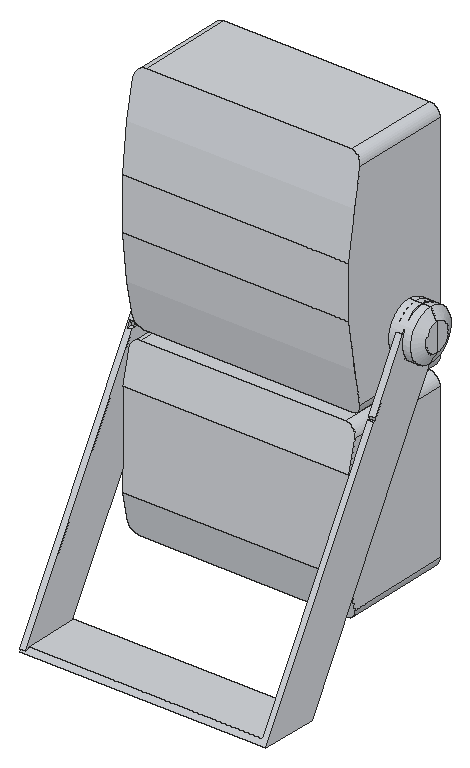
Revit family "Lighting-Floodlights-GEWISS-SMART[PRO]2.0-LED-MEDIUM-POWER_1MODULE_DALI.CLII", category Apparecchi per illuminazione, host Superficie, Revit 2019
Family settings
  Host = Superficie
  Quota connettore circolare = Usa diametro
  Tipo di parte = Normale
  Taglio con vuoti quando caricato = No
  Sorgente d'illuminazione = No
  Condiviso = No
  Punto di calcolo locali = No
Parameters (values of type "GWP2184NB - SMARTPRO2.0 1M 4000K CRI80 A3 DALI CL2")
  Wiring = "Watertight connector"
  Weight (kg): = "5,7"
  Warranty = "5 years"
  Versions = "4000K natural light"
  Version file RFA = "20.11"
  VISIBILITA' SIMBOLO [instance] = yes
  VISIBILITA' PROIETTORE IN PIANTA [instance] = not(VISIBILITA' SIMBOLO)  # no
  Unique digital code (Datamatrix) = "Currently not present"
  Unified Glare Rating = "G*6 - ULOR = 0"
  URL = "https://www.gewiss.com/ww/en"
  Type of light source = "LED - Not replaceable"
  Tilt- = "Rotation on bracket with integrated goniometer"
  Technical sheet = "https://www.gewiss.com/ww/en/search?q=GWP2184NB"
  System power = "165W"
  Supply voltage = "220 - 240 V"
  Stocking temperature = "-"
  Standards and approvals = "-"
  Standard- = "EN60598-1; EN60598-2-5; EN60598-2-24; IEC 62778; IEC62471; EN13201"
  Standard Deviation Colour Matching = "SDCM = 3"
  Spostamento_y_anteriore [instance] = 400 mm
  Spostamento_x_effettivo_ET [instance] = 4000 mm - Spostamento_x_ET  # 2938.794 mm
  Spostamento_x_effettivo [instance] = 4000 mm - Spostamento_x  # 2938.794 mm
  Spostamento_x_ET [instance] = 1061.206 mm
  Spostamento_x [instance] = 1061.206 mm
  Shock resistance = "IK08"
  Shield type = "Flat tempered glass 4mm"
  SEO = "Floodlight"
  Realized by GEWISS S.p.A. = ""
  Rated frequency (Hz) = "50 / 60"
  Default Elevation = 1219.2 mm
  Produttore = "GEWISS S.p.A."
  Photobiological Risk Class = "-"
  Overvoltage protection = "DM 6 kV / CM 10 kV"
  Optic and illuminating features = "-"
  Optic Maintenance = "Not available"
  Optic : = "Polished anodised aluminum reflector with 99.99% pure aluminum"
  Optic = "A3 - Assymetric Narrow"
  Operating temperature : = "-30 +50 °C"
  Nome quadro [instance] = "330W"
  Mouting and installation = "High-mast lighting - Wall mounting - Ground mouting"
  Modello = "GWP2184NB"
  Maximum surface exposed to the wind : = "0,085 m2"
  Materials = "-"
  Luminaire = "LED luminaire with small,mid and high lumen power"
  Lumen output (lm) = "17600"
  Locking Hook = "Hexagonal metric screws"
  Lifetime = "L90B10 (Tq+25°C) - 50000h L90B10 (Tq+50°C) = 32000h L80B10 (Tq+25°C) - 110000h"
  LED Maintenance = "Not available"
  Insulation class = "II"
  Installationa and maintenance = "-"
  Immagine tipo = SMARTPRO20_1M.jpg
  IPEA = "ROAD = A // LARGE AREAS = A3 + // CYCLOPEDONALS = A + // GREEN AREAS = A + // HISTORICAL CENTER = A5 + // OTHER = A5 +"
  IP degree = "IP66"
  IDT = "44936a2a5e034791af2c92c80339c9aa"
  IDF = "d05ed8b5-b81d-4cb0-8872-352464a63a3f"
  Glow Wire Test : = "-"
  General information = "-"
  Gasket = "Anti-aging silicone"
  GW - Codice Electrocod = "2424"
  Fixing = "Bracket"
  External screw = "Stainless steel"
  Eletrical and lighting features = "-"
  Efficiency (lm/W) = "107"
  Driver Box = "Built-in"
  Driver = "Included"
  Device with reduced surface temperature = "Yes"
  Descrizione = "SMARTPRO2.0 1M 4000K CRI80 A3 DALI CL2"
  DIN 18032-3 certification = "Yes"
  Control System = "DALI"
  Context = "Sport, Big Areas"
  Colour temperature = "4000K"
  Colour : = "Polyester powder coated"
  Colour = "Graphite grey"
  Color Rendering Index = "CRI-80"
  Classification: = "-"
  Catalogue = "LIGHTING"
  COBie.Tagnumber = ""
  COBie.CreatedOn = ""
  COBie.CreatebBy = ""
  COBie.ComponentRegisterItemID = ""
  COBie.Component.TagNumber = ""
  COBie.Component.Space = ""
  COBie.Component.SerialNumber = ""
  COBie.Component.InstallationDate = ""
  COBie.Component.Description = ""
  COBie.Component.BarCode = ""
  Body = "Die-cast aluminium -"
  Applicazione = "Indoor / Outdoor"
Reference planes
  plane 1 "Centro (Fronte/Retro)": y = 0
  plane 2: z = 0
  plane 3 "Centro (Sinistra/Destra)": x = 0
  plane 4: x = -2938.794
  plane 5: x = 0
  plane 6: x = 0
  plane 7: x = -110.332
  plane 8: x = 0
  plane 9: z = 400
Lines and regions (mm)
  Masking region 1, visible <- "VISIBILITA' PROIETTORE IN PIANTA"
    outline origin (0, 0, 0) x (1, 0, 0) y (0, 1, 0)
      loop
        line (-113.096, 45.653) -> (-113.096, -114.347) -> (116.904, -114.347) -> (116.904, 45.653) -> (127.64, 45.653) -> (133.668, 56.093) -> (133.668, 82.169) -> (127.64, 92.61) -> (106.168, 92.61) -> (106.168, 106.682) -> (-106.168, 106.682) -> (-106.168, 92.61) -> (-127.64, 92.61) -> (-133.668, 82.169) -> (-133.668, 56.093) -> (-127.64, 45.653) -> (-113.096, 45.653)
  Masking region 2, visible <- "VISIBILITA' PROIETTORE IN PIANTA"
    outline origin (0, 0, 0) x (1, 0, 0) y (0, 0, 1)
      loop
        line (-103.332, 218.171) -> (106.168, 218.171) -> (106.168, 246.133) -> (127.64, 246.133) -> (133.668, 256.573) -> (133.668, 282.649) -> (127.64, 293.081) -> (106.168, 293.081) -> (106.168, 438.501) -> (-106.168, 438.501) -> (-106.168, 296.105) -> (-127.64, 296.105) -> (-133.668, 285.674) -> (-133.668, 259.598) -> (-127.64, 249.157) -> (-103.332, 249.157) -> (-103.332, 218.171)
      loop
        line (-103.332, 212.854) -> (-103.332, 48.854) -> (106.168, 48.854) -> (106.168, 212.854) -> (-103.332, 212.854)
  Masking region 3, visible <- "VISIBILITA' PROIETTORE IN PIANTA"
    outline origin (0, 0, 0) x (1, 0, 0) y (0, 0, 1)
      loop
        line (-115.056, 249.157) -> (-115.056, 0) -> (119.168, 0) -> (119.168, 246.133) -> (113.168, 246.133) -> (113.168, 5) -> (-110.332, 5) -> (-110.332, 249.157) -> (-115.056, 249.157)
Dimensions and locks
  plane 4 to plane 3 "Centro (Sinistra/Destra)" = 2938.794 mm
  "Spostamento_x_effettivo": plane 4 to plane 5
  "Spostamento_x_effettivo_ET": plane 4 to plane 6
  Masking region 2 sketch curve to nested 1 = 7 mm
  "Spostamento_x_effettivo": plane 8 to plane 4
  "Spostamento_y_anteriore": plane 9 to plane 2
  aligned and locked: plane 2 to host face
  aligned and locked: level to host face
  aligned and locked: plane 1 "Centro (Fronte/Retro)" to nested 1
  aligned and locked: plane 5 to nested 3
  aligned and locked: plane 6 to nested 2
  aligned and locked: nested 4 to plane 8
  aligned and locked: nested 4 to plane 9
Automatic sketch dimensions
  host sketch curve to host sketch curve = 2438.4 mm  (x2)
  Masking region 1 sketch curve to plane 3 "Centro (Sinistra/Destra)" = 133.668 mm
  Masking region 1 sketch curve to Masking region 1 sketch curve = 6.028 mm  (x3)
  Masking region 1 sketch curve to plane 1 "Centro (Fronte/Retro)" = 45.653 mm  (x2)
  Masking region 1 sketch curve to Masking region 1 sketch curve = 21.472 mm  (x2)
  plane 3 "Centro (Sinistra/Destra)" to Masking region 1 sketch curve = 106.168 mm
  plane 3 "Centro (Sinistra/Destra)" to Masking region 1 sketch curve = 116.904 mm
  Masking region 1 sketch curve to Masking region 1 sketch curve = 10.736 mm
  plane 1 "Centro (Fronte/Retro)" to Masking region 1 sketch curve = 114.347 mm
  Masking region 1 sketch curve to Masking region 1 sketch curve = 10.44 mm  (x4)
  Masking region 1 sketch curve to Masking region 1 sketch curve = 26.076 mm  (x2)
  Masking region 1 sketch curve to Masking region 1 sketch curve = 14.072 mm
  Masking region 1 sketch curve to Masking region 1 sketch curve = 14.543 mm
  Masking region 2 sketch curve to Masking region 2 sketch curve = 6.028 mm  (x4)
  Masking region 2 sketch curve to Masking region 2 sketch curve = 24.307 mm
  Masking region 2 sketch curve to Masking region 2 sketch curve = 0 mm  (x2)
  Masking region 2 sketch curve to plane 3 "Centro (Sinistra/Destra)" = 106.168 mm
  level to Masking region 2 sketch curve = 48.854 mm
  Masking region 2 sketch curve to Masking region 2 sketch curve = 21.472 mm  (x2)
  Masking region 2 sketch curve to Masking region 2 sketch curve = 164 mm
  Masking region 2 sketch curve to Masking region 2 sketch curve = 5.317 mm
  Masking region 2 sketch curve to Masking region 2 sketch curve = 27.962 mm
  Masking region 2 sketch curve to Masking region 2 sketch curve = 30.986 mm
  Masking region 2 sketch curve to Masking region 2 sketch curve = 10.44 mm  (x2)
  Masking region 2 sketch curve to Masking region 2 sketch curve = 26.076 mm  (x2)
  Masking region 2 sketch curve to Masking region 2 sketch curve = 10.432 mm  (x2)
  Masking region 2 sketch curve to Masking region 2 sketch curve = 142.396 mm
  plane 3 "Centro (Sinistra/Destra)" to Masking region 2 sketch curve = 106.168 mm
  Masking region 3 sketch curve to level = 0 mm
  Masking region 3 sketch curve to plane 3 "Centro (Sinistra/Destra)" = 115.056 mm
  Masking region 3 sketch curve to Masking region 3 sketch curve = 4.724 mm
  level to Masking region 3 sketch curve = 5 mm
  plane 3 "Centro (Sinistra/Destra)" to Masking region 3 sketch curve = 113.168 mm
  Masking region 3 sketch curve to Masking region 3 sketch curve = 244.157 mm
  Masking region 3 sketch curve to Masking region 3 sketch curve = 6 mm
  Masking region 3 sketch curve to Masking region 3 sketch curve = 3.025 mm
Nested families
  nested 1: "Base_SMART[PRO]2.0 1M" at (-346.832, -103.584, 0), type "GWP2273AD - 3000K - Symm. S1 - 2x80 LED - 330W - IP66"
    with Vista in pianta no, VISIBILITA' SIMBOLO IN PIANTA no, VISIBILITA' SIMBOLO yes, VISIBILITA' PROIETTORE IN PIANTA yes, VISIBILITA' ETICHETTA yes, Distanza_x_ET 0 mm, Distanza_x 300 mm, Distanza_effettiva_y_sim 2433.54 mm, Distanza_effettiva_y_ET 1320 mm, Distanza_effettiva_x_ET 4000 mm, Distanza_effettiva_x 3700 mm
  nested 2: "ETICHETTA LIGHT" at (0, -183.617, 0), type "ETICHETTA LIGHT"
  nested 3: "PROIETTSMART - 2" at (0, 16.651, 0), visible <- "VISIBILITA' SIMBOLO", type "PROIETTSMART - 2"
  nested 4: "PROIETTSMART - 2" at (0, 0, 400) x (1, 0, 0) z (0, -1, 0), visible <- "VISIBILITA' SIMBOLO", type "PROIETTSMART - 2"
Definition of nested family "Base_SMART[PRO]2.0 1M"
  Parameters (values of type "GWP2273AD - 3000K - Symm. S1 - 2x80 LED - 330W - IP66")
    struttura = none
    l = 440 mm  # constant formula
    Vista in pianta [instance] = no
    VISIBILITA' PROIETTORE IN PIANTA [instance] = yes
    VISIBILITA' ETICHETTA [instance] = yes
    Vetro = none
    Versioni = "Luce calda 3000K"
    VISIBILITA' SIMBOLO IN PIANTA [instance] = not(VISIBILITA' SIMBOLO)  # no
    VISIBILITA' SIMBOLO [instance] = yes
    Tensione lampada = 230 V
    Temperatura di colore = "3000 K (CRI 70)"
    Superficie massima esposta al vento [mq] = "0,43"
    Serie = "SMART [PRO] 2.0"
    Resistenza agli urti = "IK08"
    Regolazione inclinazione = "-180° ÷ + 180° staffa"
    Default Elevation = 1219.2 mm
    Manufacturer = "GEWISS"
    Potenza di sistema = "330W"
    Peso (kg) = "13"
    Ottica = "Simmetrica S1"
    N° LED = "160"
    Numero moduli = "2 (2x80 LED)"
    Numero di poli = 2
    Model = "GWP2273AS"
    Lumen output (lm) = "34925"
    Lamp = "LED"
    Type Image = element 166027
    GW - Grado di protezione = "IP66"
    Garanzia = "5 anni"
    GEWISS SCHEDA TECNICA = "http://pro.gewiss.com/irj/portal/?NavigationTarget=pcd:portal_content/com.gewiss.ZPPFDMain/com.gewiss.ZPPFDITMain/com.gewiss.ZPPFDITMainDefault/com.gewiss.ZPPFDITPages/com.gewiss.ZPPFDITPagesAP/com.gewiss.ZPPFDITPagesAPCatalogo/com.gewiss.ZPPPDITAPProductDetail&codProd=GWP2273AD"
    Flusso nominale = "44800"
    Distanza_x_ET [instance] = 0 mm
    Distanza_x [instance] = 300 mm
    Distanza_effettiva_y_sim [instance] = 2433.54 mm
    Distanza_effettiva_y_ET [instance] = 1320 mm
    Distanza_effettiva_x_ET [instance] = 4000 mm - Distanza_x_ET  # 4000 mm
    Distanza_effettiva_x [instance] = 4000 mm - Distanza_x  # 3700 mm
    Description = "SMART PRO 2M 3000K CRI70 TYPE S1 DALI"
    GW - Codice Electrocod = "2424"
    Classe isolamento = "I"
    GW - Catalogo = "LIGHTING"
    Apparent Load = 330 VA
    Applicazione = "Interno / Esterno"
  Types (24, lengths in mm): name | Versioni | Temperatura di colore | Ottica | Lumen output (lm) | GEWISS SCHEDA TECNICA | Flusso nominale | Distanza_x | Distanza_effettiva_y_ET | Distanza_effettiva_x | Description
    GWP2273AD - 3000K - Symm. S1 - 2x80 LED - 330W - IP66 | "Luce calda 3000K" | "3000 K (CRI 70)" | "Simmetrica S1" | "34925" | "http://pro.gewiss.com/irj/portal/?NavigationTarget=pcd:portal_content/com.gewiss.ZPPFDMain/com.gewiss.ZPPFDITMain/com.gewiss.ZPPFDITMainDefault/com.gewiss.ZPPFDITPages/com.gewiss.ZPPFDITPagesAP/com.gewiss.ZPPFDITPagesAPCatalogo/com.gewiss.ZPPPDITAPProductDetail&codProd=GWP2273AD" | "44800" | 300 | 1320 | 3700 | "SMART PRO 2M 3000K CRI70 TYPE S1 DALI"
    GWP2273BD - 3000K - Symm. S2 - 2x80 LED - 330W - IP66 | "Luce calda 3000K" | "3000 K (CRI 70)" | "Simmetrica S2" | "37137" | "http://pro.gewiss.com/irj/portal/?NavigationTarget=pcd:portal_content/com.gewiss.ZPPFDMain/com.gewiss.ZPPFDITMain/com.gewiss.ZPPFDITMainDefault/com.gewiss.ZPPFDITPages/com.gewiss.ZPPFDITPagesAP/com.gewiss.ZPPFDITPagesAPCatalogo/com.gewiss.ZPPPDITAPProductDetail&codProd=GWP2273BD" | "44800" | 0 | 400 | 4000 | "SMART PRO 2M 3000K CRI70 TYPE S2 DALI"
    GWP2273CD - 3000K - Asymm. A1 - 2x80 LED - 330W - IP66 | "Luce calda 3000K" | "3000 K (CRI 70)" | "Asimmetrica A1" | "34141" | "http://pro.gewiss.com/irj/portal/?NavigationTarget=pcd:portal_content/com.gewiss.ZPPFDMain/com.gewiss.ZPPFDITMain/com.gewiss.ZPPFDITMainDefault/com.gewiss.ZPPFDITPages/com.gewiss.ZPPFDITPagesAP/com.gewiss.ZPPFDITPagesAPCatalogo/com.gewiss.ZPPPDITAPProductDetail&codProd=GWP2273CD" | "44800" | 0 | 400 | 4000 | "SMART PRO 2M 3000K CRI70 TYPE A1 DALI"
    GWP2273FD - 3000K - Asymm. A2 - 2x80 LED - 330W - IP66 | "Luce calda 3000K" | "3000 K (CRI 70)" | "Asimmetrica A2" | "29176" | "http://pro.gewiss.com/irj/portal/?NavigationTarget=pcd:portal_content/com.gewiss.ZPPFDMain/com.gewiss.ZPPFDITMain/com.gewiss.ZPPFDITMainDefault/com.gewiss.ZPPFDITPages/com.gewiss.ZPPFDITPagesAP/com.gewiss.ZPPFDITPagesAPCatalogo/com.gewiss.ZPPPDITAPProductDetail&codProd=GWP2273FD" | "44800" | 0 | 400 | 4000 | "SMART PRO 2M 3000K CRI70 TYPE A2 DALI"
    GWP2273GD - 3000K - Circ. C4 - 2x80 LED - 330W - IP66 | "Luce calda 3000K" | "3000 K (CRI 70)" | "Circolare C4" | "35261" | "http://pro.gewiss.com/irj/portal/?NavigationTarget=pcd:portal_content/com.gewiss.ZPPFDMain/com.gewiss.ZPPFDITMain/com.gewiss.ZPPFDITMainDefault/com.gewiss.ZPPFDITPages/com.gewiss.ZPPFDITPagesAP/com.gewiss.ZPPFDITPagesAPCatalogo/com.gewiss.ZPPPDITAPProductDetail&codProd=GWP2273GD" | "44800" | 0 | 400 | 4000 | "SMART PRO 2M 3000K CRI70 TYPE C4 DALI"
    GWP2273HD - 3000K - Circ. C3 - 2x80 LED - 330W - IP66 | "Luce calda 3000K" | "3000 K (CRI 70)" | "Circolare C3" | "35261" | "http://pro.gewiss.com/irj/portal/?NavigationTarget=pcd:portal_content/com.gewiss.ZPPFDMain/com.gewiss.ZPPFDITMain/com.gewiss.ZPPFDITMainDefault/com.gewiss.ZPPFDITPages/com.gewiss.ZPPFDITPagesAP/com.gewiss.ZPPFDITPagesAPCatalogo/com.gewiss.ZPPPDITAPProductDetail&codProd=GWP2273HD" | "44800" | 0 | 400 | 4000 | "SMART PRO 2M 3000K CRI70 TYPE C3 DALI"
    GWP2273LD - 3000K - Circ. C2 - 2x80 LED - 330W - IP66 | "Luce calda 3000K" | "3000 K (CRI 70)" | "Circolare C2" | "35261" | "http://pro.gewiss.com/irj/portal/?NavigationTarget=pcd:portal_content/com.gewiss.ZPPFDMain/com.gewiss.ZPPFDITMain/com.gewiss.ZPPFDITMainDefault/com.gewiss.ZPPFDITPages/com.gewiss.ZPPFDITPagesAP/com.gewiss.ZPPFDITPagesAPCatalogo/com.gewiss.ZPPPDITAPProductDetail&codProd=GWP2273LD" | "44800" | 0 | 400 | 4000 | "SMART PRO 2M 3000K CRI70 TYPE C2 DALI"
    GWP2273MD - 3000K - Circ. C1 - 2x80 LED - 330W - IP66 | "Luce calda 3000K" | "3000 K (CRI 70)" | "Circolare C1" | "35261" | "http://pro.gewiss.com/irj/portal/?NavigationTarget=pcd:portal_content/com.gewiss.ZPPFDMain/com.gewiss.ZPPFDITMain/com.gewiss.ZPPFDITMainDefault/com.gewiss.ZPPFDITPages/com.gewiss.ZPPFDITPagesAP/com.gewiss.ZPPFDITPagesAPCatalogo/com.gewiss.ZPPPDITAPProductDetail&codProd=GWP2273MD" | "44800" | 0 | 400 | 4000 | "SMART PRO 2M 3000K CRI70 TYPE C1 DALI"
    GWP2274AD - 4000K - Symm. S1 - 2x80 LED - 330W - IP66 | "Luce naturale 4000K" | "4000 K (CRI 70)" | "Simmetrica S1" | "37420" | "http://pro.gewiss.com/irj/portal/?NavigationTarget=pcd:portal_content/com.gewiss.ZPPFDMain/com.gewiss.ZPPFDITMain/com.gewiss.ZPPFDITMainDefault/com.gewiss.ZPPFDITPages/com.gewiss.ZPPFDITPagesAP/com.gewiss.ZPPFDITPagesAPCatalogo/com.gewiss.ZPPPDITAPProductDetail&codProd=GWP2274AD" | "48000" | 0 | 400 | 4000 | "SMART PRO 2M 4000K CRI70 TYPE S1 DALI"
    GWP2274BD - 4000K - Symm. S2 - 2x80 LED - 330W - IP66 | "Luce naturale 4000K" | "4000 K (CRI 70)" | "Simmetrica S2" | "39790" | "http://pro.gewiss.com/irj/portal/?NavigationTarget=pcd:portal_content/com.gewiss.ZPPFDMain/com.gewiss.ZPPFDITMain/com.gewiss.ZPPFDITMainDefault/com.gewiss.ZPPFDITPages/com.gewiss.ZPPFDITPagesAP/com.gewiss.ZPPFDITPagesAPCatalogo/com.gewiss.ZPPPDITAPProductDetail&codProd=GWP2274BD" | "48000" | 0 | 400 | 4000 | "SMART PRO 2M 4000K CRI70 TYPE S2 DALI"
    GWP2274CD - 4000K - Asymm. A1 - 2x80 LED - 330W - IP66 | "Luce naturale 4000K" | "4000 K (CRI 70)" | "Asimmetrica A1" | "36580" | "http://pro.gewiss.com/irj/portal/?NavigationTarget=pcd:portal_content/com.gewiss.ZPPFDMain/com.gewiss.ZPPFDITMain/com.gewiss.ZPPFDITMainDefault/com.gewiss.ZPPFDITPages/com.gewiss.ZPPFDITPagesAP/com.gewiss.ZPPFDITPagesAPCatalogo/com.gewiss.ZPPPDITAPProductDetail&codProd=GWP2274CD" | "48000" | 0 | 400 | 4000 | "SMART PRO 2M 4000K CRI70 TYPE A1 DALI"
    GWP2274FD - 4000K - Asymm. A2 - 2x80 LED - 330W - IP66 | "Luce naturale 4000K" | "4000 K (CRI 70)" | "Asimmetrica A2" | "31260" | "http://pro.gewiss.com/irj/portal/?NavigationTarget=pcd:portal_content/com.gewiss.ZPPFDMain/com.gewiss.ZPPFDITMain/com.gewiss.ZPPFDITMainDefault/com.gewiss.ZPPFDITPages/com.gewiss.ZPPFDITPagesAP/com.gewiss.ZPPFDITPagesAPCatalogo/com.gewiss.ZPPPDITAPProductDetail&codProd=GWP2274FD" | "48000" | 0 | 400 | 4000 | "SMART PRO 2M 4000K CRI70 TYPE A2 DALI"
    GWP2274GD - 4000K - Circ. C4 - 2x80 LED - 330W - IP66 | "Luce naturale 4000K" | "4000 K (CRI 70)" | "Circolare C4" | "37780" | "http://pro.gewiss.com/irj/portal/?NavigationTarget=pcd:portal_content/com.gewiss.ZPPFDMain/com.gewiss.ZPPFDITMain/com.gewiss.ZPPFDITMainDefault/com.gewiss.ZPPFDITPages/com.gewiss.ZPPFDITPagesAP/com.gewiss.ZPPFDITPagesAPCatalogo/com.gewiss.ZPPPDITAPProductDetail&codProd=GWP2274GD" | "48000" | 0 | 400 | 4000 | "SMART PRO 2M 4000K CRI70 TYPE C4 DALI"
    GWP2274HD - 4000K - Circ. C3 - 2x80 LED - 330W - IP66 | "Luce naturale 4000K" | "4000 K (CRI 70)" | "Circolare C3" | "37780" | "http://pro.gewiss.com/irj/portal/?NavigationTarget=pcd:portal_content/com.gewiss.ZPPFDMain/com.gewiss.ZPPFDITMain/com.gewiss.ZPPFDITMainDefault/com.gewiss.ZPPFDITPages/com.gewiss.ZPPFDITPagesAP/com.gewiss.ZPPFDITPagesAPCatalogo/com.gewiss.ZPPPDITAPProductDetail&codProd=GWP2274HD" | "48000" | 0 | 400 | 4000 | "SMART PRO 2M 4000K CRI70 TYPE C3 DALI"
    GWP2274LD - 4000K - Circ. C2 - 2x80 LED - 330W - IP66 | "Luce naturale 4000K" | "4000 K (CRI 70)" | "Circolare C2" | "37780" | "http://pro.gewiss.com/irj/portal/?NavigationTarget=pcd:portal_content/com.gewiss.ZPPFDMain/com.gewiss.ZPPFDITMain/com.gewiss.ZPPFDITMainDefault/com.gewiss.ZPPFDITPages/com.gewiss.ZPPFDITPagesAP/com.gewiss.ZPPFDITPagesAPCatalogo/com.gewiss.ZPPPDITAPProductDetail&codProd=GWP2274LD" | "48000" | 0 | 400 | 4000 | "SMART PRO 2M 4000K CRI70 TYPE C2 DALI"
    GWP2274MD - 4000K - Circ. C1 - 2x80 LED - 330W - IP66 | "Luce naturale 4000K" | "4000 K (CRI 70)" | "Circolare C1" | "37780" | "http://pro.gewiss.com/irj/portal/?NavigationTarget=pcd:portal_content/com.gewiss.ZPPFDMain/com.gewiss.ZPPFDITMain/com.gewiss.ZPPFDITMainDefault/com.gewiss.ZPPFDITPages/com.gewiss.ZPPFDITPagesAP/com.gewiss.ZPPFDITPagesAPCatalogo/com.gewiss.ZPPPDITAPProductDetail&codProd=GWP2274MD" | "48000" | 0 | 400 | 4000 | "SMART PRO 2M 4000K CRI70 TYPE C1 DALI"
    GWP2275AD - 5700K - Symm. S1 - 2x80 LED - 330W - IP66 | "Luce fredda 5700K" | "5700 K (CRI 70)" | "Simmetrica S1" | "37420" | "http://pro.gewiss.com/irj/portal/?NavigationTarget=pcd:portal_content/com.gewiss.ZPPFDMain/com.gewiss.ZPPFDITMain/com.gewiss.ZPPFDITMainDefault/com.gewiss.ZPPFDITPages/com.gewiss.ZPPFDITPagesAP/com.gewiss.ZPPFDITPagesAPCatalogo/com.gewiss.ZPPPDITAPProductDetail&codProd=GWP2275AD" | "48000" | 0 | 400 | 4000 | "SMART PRO 2M 5700K CRI70 TYPE S1 DALI"
    GWP2275BD - 5700K - Symm. S2 - 2x80 LED - 330W - IP66 | "Luce fredda 5700K" | "5700 K (CRI 70)" | "Simmetrica S2" | "39790" | "http://pro.gewiss.com/irj/portal/?NavigationTarget=pcd:portal_content/com.gewiss.ZPPFDMain/com.gewiss.ZPPFDITMain/com.gewiss.ZPPFDITMainDefault/com.gewiss.ZPPFDITPages/com.gewiss.ZPPFDITPagesAP/com.gewiss.ZPPFDITPagesAPCatalogo/com.gewiss.ZPPPDITAPProductDetail&codProd=GWP2275BD" | "48000" | 0 | 400 | 4000 | "SMART PRO 2M 5700K CRI70 TYPE S2 DALI"
    GWP2275CD - 5700K - Asymm. A1 - 2x80 LED - 330W - IP66 | "Luce fredda 5700K" | "5700 K (CRI 70)" | "Asimmetrica A1" | "36580" | "http://pro.gewiss.com/irj/portal/?NavigationTarget=pcd:portal_content/com.gewiss.ZPPFDMain/com.gewiss.ZPPFDITMain/com.gewiss.ZPPFDITMainDefault/com.gewiss.ZPPFDITPages/com.gewiss.ZPPFDITPagesAP/com.gewiss.ZPPFDITPagesAPCatalogo/com.gewiss.ZPPPDITAPProductDetail&codProd=GWP2275CD" | "48000" | 0 | 400 | 4000 | "SMART PRO 2M 5700K CRI70 TYPE A1 DALI"
    GWP2275FD - 5700K - Asymm. A2 - 2x80 LED - 330W - IP66 | "Luce fredda 5700K" | "5700 K (CRI 70)" | "Asimmetrica A2" | "31260" | "http://pro.gewiss.com/irj/portal/?NavigationTarget=pcd:portal_content/com.gewiss.ZPPFDMain/com.gewiss.ZPPFDITMain/com.gewiss.ZPPFDITMainDefault/com.gewiss.ZPPFDITPages/com.gewiss.ZPPFDITPagesAP/com.gewiss.ZPPFDITPagesAPCatalogo/com.gewiss.ZPPPDITAPProductDetail&codProd=GWP2275FD" | "48000" | 0 | 400 | 4000 | "SMART PRO 2M 5700K CRI70 TYPE A2 DALI"
    GWP2275GD - 5700K - Circ. C4 - 2x80 LED - 330W - IP66 | "Luce fredda 5700K" | "5700 K (CRI 70)" | "Circolare C4" | "37780" | "http://pro.gewiss.com/irj/portal/?NavigationTarget=pcd:portal_content/com.gewiss.ZPPFDMain/com.gewiss.ZPPFDITMain/com.gewiss.ZPPFDITMainDefault/com.gewiss.ZPPFDITPages/com.gewiss.ZPPFDITPagesAP/com.gewiss.ZPPFDITPagesAPCatalogo/com.gewiss.ZPPPDITAPProductDetail&codProd=GWP2275GD" | "48000" | 0 | 400 | 4000 | "SMART PRO 2M 5700K CRI70 TYPE C4 DALI"
    GWP2275HD - 5700K - Circ. C3 - 2x80 LED - 330W - IP66 | "Luce fredda 5700K" | "5700 K (CRI 70)" | "Circolare C3" | "37780" | "http://pro.gewiss.com/irj/portal/?NavigationTarget=pcd:portal_content/com.gewiss.ZPPFDMain/com.gewiss.ZPPFDITMain/com.gewiss.ZPPFDITMainDefault/com.gewiss.ZPPFDITPages/com.gewiss.ZPPFDITPagesAP/com.gewiss.ZPPFDITPagesAPCatalogo/com.gewiss.ZPPPDITAPProductDetail&codProd=GWP2275HD" | "48000" | 0 | 400 | 4000 | "SMART PRO 2M 5700K CRI70 TYPE C3 DALI"
    GWP2275LD - 5700K - Circ. C2 - 2x80 LED - 330W - IP66 | "Luce fredda 5700K" | "5700 K (CRI 70)" | "Circolare C2" | "37780" | "http://pro.gewiss.com/irj/portal/?NavigationTarget=pcd:portal_content/com.gewiss.ZPPFDMain/com.gewiss.ZPPFDITMain/com.gewiss.ZPPFDITMainDefault/com.gewiss.ZPPFDITPages/com.gewiss.ZPPFDITPagesAP/com.gewiss.ZPPFDITPagesAPCatalogo/com.gewiss.ZPPPDITAPProductDetail&codProd=GWP2275LD" | "48000" | 0 | 400 | 4000 | "SMART PRO 2M 5700K CRI70 TYPE C2 DALI"
    GWP2275MD - 5700K - Circ. C1 - 2x80 LED - 330W - IP66 | "Luce fredda 5700K" | "5700 K (CRI 70)" | "Circolare C1" | "37780" | "http://pro.gewiss.com/irj/portal/?NavigationTarget=pcd:portal_content/com.gewiss.ZPPFDMain/com.gewiss.ZPPFDITMain/com.gewiss.ZPPFDITMainDefault/com.gewiss.ZPPFDITPages/com.gewiss.ZPPFDITPagesAP/com.gewiss.ZPPFDITPagesAPCatalogo/com.gewiss.ZPPPDITAPProductDetail&codProd=GWP2275MD" | "48000" | 0 | 400 | 4000 | "SMART PRO 2M 5700K CRI70 TYPE C1 DALI"
  Reference planes
    plane 1 "Centro (Fronte/Retro)": y = 0
    plane 2: z = 0
    plane 3 "Centro (Sinistra/Destra)": x = 0
    plane 4: z = 5
    plane 5: x = 466
    plane 6: x = 460
    plane 7: y = -9.551
    plane 8: y = 43.565
    plane 9: z = 267.876
    plane 10: z = 218.171
    plane 11: z = 212.854
    plane 12: x = 453
    plane 13: z = 438.501
    plane 14: x = 236.5
    plane 15: z = 48.854
    plane 16 "fronte": y = 210.266
    plane 17: y = 103.584
    plane 18: z = 428.501
    plane 19: z = 228.171
    plane 20: x = 443
    plane 21: y = 200.266
    plane 22: x = 220.335
    plane 23: x = 252.665
    plane 24: y = 195.345
    plane 25: z = 367.712
    plane 26: z = 306.922
    plane 27: x = 254.665
    plane 28: x = 441
    plane 29: z = 246.133
    plane 30: z = 426.501
    plane 31: z = 365.712
    plane 32: z = 369.712
    plane 33: z = 308.922
    plane 34: z = 304.922
    plane 35: z = 248.133
    plane 36: z = 244.133
    plane 37: x = -3763.5
    plane 38: x = 240.665
    plane 39: x = 213.665
    plane 40: x = 346.832
    plane 41: x = 236.5
  Forms (mm)
    Extrusion 1, solid
      sketch origin (0, 0, 2.872) x (0, 1, 0) y (0, 0, 1)
        loop
          line (153.15, 281.807) -> (-9.551, 0) -> (43.565, 0) -> (192.952, 258.745)
          arc (192.952, 258.745) -> (184.564, 290.146) -> (153.15, 281.807) r 23
      from 235.316 to 240.665
    Extrusion 2, solid
      sketch origin (448.871, 0, 0) x (0, 1, 0) y (0, 0, -1)
        loop
          arc (153.15, -281.807) -> (184.564, -290.146) -> (192.952, -258.745) r 23
          line (192.952, -258.745) -> (43.565, 0) -> (-9.551, 0) -> (153.15, -281.807)
      from -17.129 to -11.129
    Extrusion 3, solid
      sketch origin (0, 0, 0) x (0, 1, 0) y (0, 0, 1)
        loop
          line (46.452, 5) -> (-6.664, 5) -> (-9.551, 0) -> (43.565, 0) -> (46.452, 5)
      from 235.316 to 466
    Extrusion 4, solid
      sketch origin (0, 0, 0) x (1, 0, 0) y (0, 0, 1)
        loop
          arc (250.665, 438.501) -> (243.594, 435.572) -> (240.665, 428.501) r 10
          line (240.665, 428.501) -> (240.665, 228.171)
          arc (240.665, 228.171) -> (243.594, 221.1) -> (250.665, 218.171) r 10
          line (250.665, 218.171) -> (443, 218.171)
          arc (443, 218.171) -> (450.071, 221.1) -> (453, 228.171) r 10
          line (453, 228.171) -> (453, 428.501)
          arc (453, 428.501) -> (450.071, 435.572) -> (443, 438.501) r 10
          line (443, 438.501) -> (250.665, 438.501)
      from -210.266 to -103.584
    Extrusion 5, solid
      sketch origin (0, 0, 0) x (1, 0, 0) y (0, 0, 1)
        loop
          line (250.665, 48.854) -> (443, 48.854)
          arc (443, 48.854) -> (450.071, 51.783) -> (453, 58.854) r 10
          line (453, 58.854) -> (453, 202.854)
          arc (453, 202.854) -> (450.071, 209.925) -> (443, 212.854) r 10
          line (443, 212.854) -> (250.665, 212.854)
          arc (250.665, 212.854) -> (243.594, 209.925) -> (240.665, 202.854) r 10
          line (240.665, 202.854) -> (240.665, 58.854)
          arc (240.665, 58.854) -> (243.594, 51.783) -> (250.665, 48.854) r 10
      from -210.266 to -103.584
    Extrusion 6, void
      sketch origin (0, 0, 0) x (0, 1, 0) y (0, 0, 1)
        loop
          line (0, 438.501) -> (0, 218.171) -> (119.109, 218.171)
          arc (119.109, 218.171) -> (108.875, 260.63) -> (103.584, 303.983) r 379.693
          line (103.584, 303.983) -> (103.584, 352.689)
          arc (103.584, 352.689) -> (108.875, 396.042) -> (119.109, 438.501) r 379.693
          line (119.109, 438.501) -> (0, 438.501)
      from 236.5 to 466
    Extrusion 7, void
      sketch origin (0, 0, 0) x (1, 0, 0) y (0, 0, 1)
        loop
          arc (262.665, 428.501) -> (255.594, 425.572) -> (252.665, 418.501) r 10
          line (252.665, 418.501) -> (252.665, 238.171)
          arc (252.665, 238.171) -> (255.594, 231.1) -> (262.665, 228.171) r 10
          line (262.665, 228.171) -> (433, 228.171)
          arc (433, 228.171) -> (440.071, 231.1) -> (443, 238.171) r 10
          line (443, 238.171) -> (443, 418.501)
          arc (443, 418.501) -> (440.071, 425.572) -> (433, 428.501) r 10
          line (433, 428.501) -> (262.665, 428.501)
      from -210.266 to -200.266
    Extrusion 8, solid, material <- "Vetro"
      sketch origin (0, 0, 0) x (1, 0, 0) y (0, 0, 1)
        loop
          line (252.665, 418.501) -> (252.665, 238.171)
          arc (252.665, 238.171) -> (255.594, 231.1) -> (262.665, 228.171) r 10
          line (262.665, 228.171) -> (433, 228.171)
          arc (433, 228.171) -> (440.071, 231.1) -> (443, 238.171) r 10
          line (443, 238.171) -> (443, 418.501)
          arc (443, 418.501) -> (440.071, 425.572) -> (433, 428.501) r 10
          line (433, 428.501) -> (262.665, 428.501)
          arc (262.665, 428.501) -> (255.594, 425.572) -> (252.665, 418.501) r 10
      from -210.266 to -200.266
    Extrusion 9, void
      sketch origin (0, 0, 0) x (0, 1, 0) y (0, 0, 1)
        loop
          line (103.584, 86.118) -> (103.584, 175.59)
          arc (103.584, 175.59) -> (107.698, 194.338) -> (112.752, 212.854) r 380
          line (112.752, 212.854) -> (0, 212.854) -> (0, 48.854) -> (112.752, 48.854)
          arc (112.752, 48.854) -> (107.698, 67.37) -> (103.584, 86.118) r 380
      from 240.665 to 453
    Revolve 10, solid
      sketch origin (287.979, 172.716, 2.872) x (1, 0, 0) y (0, 0, 1)
        loop
          line (-74.814, 269.764) -> (-47.314, 269.764) -> (-47.314, 293.242) -> (-68.786, 293.242) -> (-74.814, 282.802) -> (-74.814, 269.764)
        axis (-74.814, 269.764) -> (-47.314, 269.764)
      angle from 0 to 360
    Revolve 11, solid
      sketch origin (0, 172.716, 0) x (1, 0, 0) y (0, 0, 1)
        loop
          line (480.171, 269.764) -> (480.171, 282.802) -> (474.143, 293.242) -> (452.671, 293.242) -> (452.671, 269.764) -> (480.171, 269.764)
        axis (480.171, 269.764) -> (452.671, 269.764)
      angle from 0 to 360
    Extrusion 12, solid, detail levels medium+fine
      sketch origin (0, 0, 0) x (1, 0, 0) y (0, 0, 1)
        loop
          line (441, 426.501) -> (381.555, 426.501) -> (381.555, 369.712) -> (441, 369.712) -> (441, 426.501)
        loop
          line (441, 365.712) -> (381.555, 365.712) -> (381.555, 308.922) -> (441, 308.922) -> (441, 365.712)
        loop
          line (377.555, 426.501) -> (318.11, 426.501) -> (318.11, 369.712) -> (377.555, 369.712) -> (377.555, 426.501)
        loop
          line (314.11, 426.501) -> (254.665, 426.501) -> (254.665, 369.712) -> (314.11, 369.712) -> (314.11, 426.501)
        loop
          line (441, 304.922) -> (381.555, 304.922) -> (381.555, 248.133) -> (441, 248.133) -> (441, 304.922)
        loop
          line (443, 244.133) -> (443, 306.484) -> (443, 369.712) -> (443, 428.501) -> (252.665, 428.501) -> (252.665, 244.133) -> (314.11, 244.133) -> (379.861, 244.133) -> (443, 244.133)
        loop
          line (377.555, 365.712) -> (318.11, 365.712) -> (318.11, 308.922) -> (377.555, 308.922) -> (377.555, 365.712)
        loop
          line (377.555, 304.922) -> (318.11, 304.922) -> (318.11, 248.133) -> (377.555, 248.133) -> (377.555, 304.922)
        loop
          line (314.11, 365.712) -> (254.665, 365.712) -> (254.665, 308.922) -> (314.11, 308.922) -> (314.11, 365.712)
        loop
          line (314.11, 304.922) -> (254.665, 304.922) -> (254.665, 248.133) -> (314.11, 248.133) -> (314.11, 304.922)
      from -200.266 to -195.345
  Cuts and joins
    Extrusion 6, Extrusion 9 cuts Extrusion 1
    Extrusion 6, Extrusion 9 cuts Extrusion 2
    Extrusion 6, Extrusion 9 cuts Extrusion 3
    joined: Extrusion 1, Extrusion 2, Extrusion 3
    Extrusion 6, Extrusion 7 cuts Extrusion 4
    Extrusion 9 cuts Extrusion 5
  Dimensions and locks
    locked: plane 4 to level at 5
    locked: plane 5 to plane 6 at 6
    plane 9 to plane 2 = 267.876 mm
    plane 10 to plane 11 = 5.317 mm
    locked: plane 6 to plane 12 at 7
    plane 13 to plane 10 = 220.33 mm
    plane 6 to plane 14 = 223.5 mm
    locked: plane 13 to plane 18 at 10
    locked: plane 12 to plane 20 at 10
    locked: plane 19 to plane 10 at 10
    locked: plane 21 to plane 16 "fronte" at 10
    equal spacing: plane 23, plane 14, plane 22
    plane 23 to plane 22 = 32.329 mm
    locked: plane 24 to plane 21 at 4.921
    plane 20 to plane 23 = 190.335 mm
    locked: plane 27 to plane 23 at 2
    equal spacing: plane 29, plane 26, plane 25, plane 18
    locked: plane 36 to plane 35 at 4
    locked: plane 34 to plane 33 at 4
    locked: plane 31 to plane 32 at 4
    locked: plane 30 to plane 18 at 2
    locked: plane 28 to plane 20 at 2
    plane 23 to plane 38 = 12 mm
    radius of Extrusion 4 sketch curve = 10 mm  (x4)
    radius of Extrusion 5 sketch curve = 10 mm  (x4)
    radius of Extrusion 7 sketch curve = 10 mm  (x4)
    radius of Extrusion 8 sketch curve = 10 mm  (x4)
    aligned and locked: level to plane 2
    aligned and locked: plane 5 to Extrusion 2
    aligned and locked: Extrusion 2 to plane 6
    aligned and locked: Extrusion 3 sketch curve to plane 4
    aligned and locked: Extrusion 3 sketch curve to level
    aligned and locked: cut or joined group of Extrusion 1, Extrusion 2, Extrusion 3, Extrusion 6, Extrusion 9 to Extrusion 3 sketch curve
    aligned and locked: Extrusion 3 sketch curve to cut or joined group of Extrusion 1, Extrusion 2, Extrusion 3, Extrusion 6, Extrusion 9
    aligned and locked: plane 5 to cut or joined group of Extrusion 1, Extrusion 2, Extrusion 3, Extrusion 6, Extrusion 9
    aligned and locked: Extrusion 4 sketch curve to plane 13
    aligned and locked: Extrusion 4 sketch curve to plane 12
    aligned and locked: Extrusion 4 sketch curve to plane 10
    aligned and locked: Extrusion 5 sketch curve to plane 15
    aligned and locked: Extrusion 5 sketch curve to plane 11
    aligned and locked: Extrusion 5 sketch curve to plane 12
    aligned and locked: plane 16 "fronte" to Extrusion 4
    aligned and locked: Extrusion 5 to Extrusion 4
    aligned and locked: plane 17 to Extrusion 4
    aligned and locked: Extrusion 4 to Extrusion 5
    aligned and locked: Extrusion 6 sketch curve to plane 13
    aligned and locked: Extrusion 6 sketch curve to plane 17
    aligned and locked: Extrusion 6 sketch curve to plane 1 "Centro (Fronte/Retro)"
    aligned and locked: Extrusion 6 sketch curve to plane 10
    aligned and locked: plane 5 to Extrusion 6
    aligned and locked: Extrusion 7 sketch curve to plane 18
    aligned and locked: Extrusion 7 sketch curve to plane 19
    aligned and locked: Extrusion 7 sketch curve to plane 20
    aligned and locked: plane 16 "fronte" to Extrusion 7
    aligned and locked: Extrusion 7 to plane 21
    aligned and locked: Extrusion 8 sketch curve to plane 18
    aligned and locked: Extrusion 8 sketch curve to plane 19
    aligned and locked: Extrusion 8 sketch curve to plane 20
    aligned and locked: plane 16 "fronte" to Extrusion 8
    aligned and locked: Extrusion 8 to plane 21
    aligned and locked: Extrusion 9 sketch curve to plane 17
    aligned and locked: Extrusion 9 sketch curve to plane 11
    aligned and locked: Extrusion 9 sketch curve to plane 15
    aligned and locked: Extrusion 9 sketch curve to plane 1 "Centro (Fronte/Retro)"
    aligned and locked: plane 12 to Extrusion 9
    aligned and locked: plane 28 to Extrusion 12 sketch curve
    aligned and locked: plane 30 to Extrusion 12 sketch curve
    aligned and locked: plane 32 to Extrusion 12 sketch curve  (x2)
    aligned and locked: plane 31 to Extrusion 12 sketch curve
    aligned and locked: plane 33 to Extrusion 12 sketch curve
    aligned and locked: plane 34 to Extrusion 12 sketch curve
    aligned and locked: plane 36 to Extrusion 12 sketch curve
    aligned and locked: plane 35 to Extrusion 12 sketch curve  (x2)
    aligned and locked: plane 18 to Extrusion 12 sketch curve
    aligned and locked: plane 20 to Extrusion 12 sketch curve
    aligned and locked: plane 23 to Extrusion 12 sketch curve
    aligned and locked: plane 21 to Extrusion 12
    aligned and locked: plane 24 to Extrusion 12
    aligned and locked: import instance to plane 16 "fronte"
    aligned and locked: Extrusion 9 to Extrusion 1
    aligned and locked: plane 38 to Extrusion 5 sketch curve
  Automatic sketch dimensions
    Revolve 10 sketch curve to Revolve 10 sketch curve = 0 mm  (x2)
    Revolve 10 sketch curve to Revolve 10 sketch curve = 21.472 mm
    Revolve 10 sketch curve to Revolve 10 sketch curve = 6.028 mm
    Revolve 10 sketch curve to Revolve 10 sketch curve = 10.44 mm
    Revolve 10 sketch curve to Revolve 10 sketch curve = 13.038 mm
    Revolve 10 sketch curve to Revolve 10 sketch curve = 7.329 mm
    Revolve 11 sketch curve to Revolve 11 sketch curve = 0 mm  (x2)
    Revolve 11 sketch curve to Revolve 11 sketch curve = 21.472 mm
    Revolve 11 sketch curve to Revolve 11 sketch curve = 6.028 mm
    Revolve 11 sketch curve to Revolve 11 sketch curve = 10.44 mm
    Revolve 11 sketch curve to Revolve 11 sketch curve = 13.038 mm
    Revolve 11 sketch curve to Revolve 11 sketch curve = 7.329 mm
    level to Extrusion 1 sketch curve = 2.872 mm
    Extrusion 1 sketch curve to plane 7 = 0 mm
    Extrusion 1 sketch curve to plane 8 = 0 mm
    plane 9 to Extrusion 1 sketch curve = 16.803 mm
    plane 24 to Extrusion 1 sketch curve = 42.194 mm
    plane 9 to Extrusion 1 sketch curve = 5.242 mm
    plane 24 to Extrusion 1 sketch curve = 22.312 mm
    plane 24 to Extrusion 1 sketch curve = 2.393 mm
    Extrusion 1 sketch curve to Extrusion 1 sketch curve = 0 mm  (x2)
    Extrusion 2 sketch curve to level = 0 mm
    Extrusion 2 sketch curve to plane 7 = 0 mm
    Extrusion 2 sketch curve to plane 8 = 0 mm
    plane 9 to Extrusion 2 sketch curve = 13.931 mm
    plane 24 to Extrusion 2 sketch curve = 42.194 mm
    plane 9 to Extrusion 2 sketch curve = 2.369 mm
    plane 24 to Extrusion 2 sketch curve = 22.312 mm
    plane 24 to Extrusion 2 sketch curve = 2.393 mm
    Extrusion 2 sketch curve to Extrusion 2 sketch curve = 0 mm  (x2)
    Extrusion 6 sketch curve to Extrusion 6 sketch curve = 15.525 mm  (x2)
    plane 33 to Extrusion 6 sketch curve = 19.303 mm
    plane 16 "fronte" to Extrusion 6 sketch curve = 272.237 mm
    Extrusion 6 sketch curve to Extrusion 6 sketch curve = 0 mm
    Extrusion 6 sketch curve to Extrusion 6 sketch curve = 0.222 mm
    Extrusion 9 sketch curve to plane 17 = 9.168 mm  (x2)
    plane 15 to Extrusion 9 sketch curve = 54.7 mm
    plane 16 "fronte" to Extrusion 9 sketch curve = 266.428 mm
    Extrusion 9 sketch curve to Extrusion 9 sketch curve = 0 mm
    Extrusion 9 sketch curve to Extrusion 9 sketch curve = 37.264 mm
    Extrusion 12 sketch curve to plane 27 = 0 mm  (x3)
    plane 28 to Extrusion 12 sketch curve = 0 mm  (x2)
    Extrusion 12 sketch curve to plane 35 = 0 mm
    Extrusion 12 sketch curve to plane 34 = 0 mm  (x2)
    Extrusion 12 sketch curve to plane 33 = 0 mm  (x2)
    Extrusion 12 sketch curve to plane 31 = 0 mm  (x2)
    Extrusion 12 sketch curve to plane 32 = 0 mm  (x2)
    Extrusion 12 sketch curve to plane 30 = 0 mm  (x2)
    Extrusion 12 sketch curve to plane 26 = 0.438 mm
    plane 9 to Revolve 10 sketch curve = 4.76 mm
    Revolve 11 sketch curve to plane 6 = 0 mm
    plane 9 to Revolve 11 sketch curve = 1.888 mm
    plane 14 to Extrusion 8 sketch curve = 16.165 mm
    plane 14 to Extrusion 7 sketch curve = 16.165 mm
    plane 22 to Extrusion 4 sketch curve = 20.329 mm
    Revolve 10 sketch curve to plane 38 = 0 mm
    plane 27 to Extrusion 12 sketch curve = 59.445 mm  (x2)
    Extrusion 12 sketch curve to Extrusion 12 sketch curve = 0 mm  (x5)
    Extrusion 12 sketch curve to Extrusion 12 sketch curve = 4 mm  (x4)
    Extrusion 12 sketch curve to Extrusion 12 sketch curve = 59.445 mm  (x2)
    Extrusion 12 sketch curve to Extrusion 12 sketch curve = 2.306 mm
  Connectors
    electrical at (346.832, 103.584, 328.336), driven by "Tensione lampada", driven by "Apparent Load", driven by "Numero di poli"
      settings: on cut or joined group of Extrusion 4, Extrusion 6, Extrusion 7, index 1, voltage 230 V, apparent load 0 VA, apparent load phase1 330 VA, apparent load phase2 0 VA, apparent load phase3 0 VA, power factor 1, load classification none, number of poles 2, system type 31, power factor state 1, is connector primary yes, connector utility no, sub classification motor no, connector description ""
Definition of nested family "ETICHETTA LIGHT"
  Parameters (values of type "ETICHETTA LIGHT")
    COMMENTI = "330W"
  Reference planes
    plane 1: y = 0
    plane 2: x = 0
  Text (mm)
    label "COMMENTI" at (-0.057, 0.105, 0), shows "COMMENTI"
Definition of nested family "PROIETTSMART - 2"
  Reference planes
    plane 1 "Centro (Fronte/Retro)": y = 0
    plane 2: z = 0
    plane 3 "Centro (Sinistra/Destra)": x = 0
  Lines and regions (mm)
    model lines, in view "Livello rif."
      curve 1: line (128.701, 60.096, 0) -> (128.701, -73.398, 0)
      curve 2: line (128.701, -73.398, 0) -> (-131.299, -73.398, 0)
      curve 3: line (-131.299, -73.398, 0) -> (-131.299, 60.096, 0)
      curve 4: line (-131.299, 60.096, 0) -> (128.701, 60.096, 0)
      curve 5: line (-39.438, -28.166, 0) -> (-82.637, -6.659, 0)
      curve 6: line (-82.637, -6.659, 0) -> (-39.438, 15.107, 0)
      curve 7: line (-39.438, 15.107, 0) -> (-39.438, -28.166, 0)
      curve 8: line (-82.637, 14.978, 0) -> (-82.637, -28.296, 0)
      curve 9: line (-82.637, -6.659, 0) -> (-107.898, -6.659, 0)
      curve 10: line (-39.438, -6.529, 0) -> (-20.785, -6.529, 0)
      curve 11: line (-114.259, 43.016, 0) -> (-14.909, 43.016, 0)
      curve 12: line (-14.909, 43.016, 0) -> (-14.909, -56.334, 0)
      curve 13: line (-14.909, -56.334, 0) -> (-114.259, -56.334, 0)
      curve 14: line (-114.259, -56.334, 0) -> (-114.259, 43.016, 0)
Types (46, lengths in mm): name | Versions | Unified Glare Rating | Technical sheet | Standard Deviation Colour Matching | Spostamento_x_effettivo | Spostamento_x | Optic : | Optic | Modello | Lumen output (lm) | IPEA | IDT | Efficiency (lm/W) | Descrizione | Colour temperature | Color Rendering Index
  (no name) | "4000K natural light" | "G*6 - ULOR = 0" | "https://www.gewiss.com/ww/en/search?q=GWP2184NB" | "SDCM = 3" | 2938.794 | 1061.206 | "Polished anodised aluminum reflector with 99.99% pure aluminum" | "A3 - Assymetric Narrow" | "GWP2184NB" | "17600" | "ROAD = A // LARGE AREAS = A3 + // CYCLOPEDONALS = A + // GREEN AREAS = A + // HISTORICAL CENTER = A5 + // OTHER = A5 +" | "44936a2a5e034791af2c92c80339c9aa" | "107" | "SMARTPRO2.0 1M 4000K CRI80 A3 DALI CL2" | "4000K" | "CRI-80"
  GWP2173AB - SMARTPRO2.0 1M 3000K CRI70 S1 DALI CL2 | "3000K warm light" | "G*6 - ULOR = 0" | "https://www.gewiss.com/ww/en/search?q=GWP2173AB" | "SDCM = 5" | 2938.794 | 1061.206 | "Polished quartz and metallized PC HT reflector" | "S1 - Symmetric Wide" | "GWP2173AB" | "18300" | "-" | "930a673aa5094a9f9f1f122b97cc4a08" | "111" | "SMARTPRO2.0 1M 3000K CRI70 S1 DALI CL2" | "3000K" | "CRI-70"
  GWP2173BB - SMARTPRO2.0 1M 3000K CRI70 S2 DALI CL2 | "3000K warm light" | "G*6 - ULOR = 0" | "https://www.gewiss.com/ww/en/search?q=GWP2173BB" | "SDCM = 5" | 2938.794 | 1061.206 | "Polished anodised aluminum reflector with 99.99% pure aluminum" | "S2 - Symmetric Medium" | "GWP2173BB" | "19000" | "ROAD = A + // LARGE AREAS = A5 + // CYCLOPEDONALS = A ++ // GREEN AREAS = A ++ // HISTORICAL CENTER = A6 + // OTHER = A6 +" | "fcd31c59f36a45bfbb7dc4db3c9efc0b" | "115" | "SMARTPRO2.0 1M 3000K CRI70 S2 DALI CL2" | "3000K" | "CRI-70"
  GWP2173CB - SMARTPRO2.0 1M 3000K CRI70 A1 DALI CL2 | "3000K warm light" | "G*4 - ULOR = 0" | "https://www.gewiss.com/ww/en/search?q=GWP2173CB" | "SDCM = 5" | 2938.794 | 1061.206 | "Polished quartz and metallized PC HT reflector" | "A1 - Asymmetrical Wide" | "GWP2173CB" | "17800" | "ROAD = A + // LARGE AREAS = A3 + // CYCLOPEDONALS = A + // GREEN AREAS = A + // HISTORICAL CENTER = A5 + // OTHER = A5 +" | "251c8b43002a478c8fccdcc3364a0d2b" | "108" | "SMARTPRO2.0 1M 3000K CRI70 A1 DALI CL2" | "3000K" | "CRI-70"
  GWP2173FB - SMARTPRO2.0 1M 3000K CRI70 A2 DALI CL2 | "3000K warm light" | "G*3 - ULOR = 0" | "https://www.gewiss.com/ww/en/search?q=GWP2173FB" | "SDCM = 5" | 2938.794 | 1061.206 | "Polished anodised aluminum reflector with 99.99% pure aluminum" | "A2 - Asymmetrical Medium" | "GWP2173FB" | "15300" | "ROAD = B // LARGE AREAS = A + // CYCLOPEDONALS = B // GREEN AREAS = B // HISTORICAL CENTER = A3 + // OTHER = A3 +" | "fc886cd6dac8407eab1b1dd2a6a84449" | "93" | "SMARTPRO2.0 1M 3000K CRI70 A2 DALI CL2" | "3000K" | "CRI-70"
  GWP2173GB - SMARTPRO2.0 1M 3000K CRI70 C4 DALI CL2 | "3000K warm light" | "G*6 - ULOR = 0" | "https://www.gewiss.com/ww/en/search?q=GWP2173GB" | "SDCM = 5" | 2938.794 | 1061.206 | "Polished quartz and metallized PC HT reflector" | "C4 - Circular 15°" | "GWP2173GB" | "19100" | "ROAD = A + // LARGE AREAS = A5 + // CYCLOPEDONALS = A ++ // GREEN AREAS = A ++ // HISTORICAL CENTER = A6 + // OTHER = A6 +" | "20f02e4d13cc4973a826cdc91a5d49e7" | "116" | "SMARTPRO2.0 1M 3000K CRI70 C4 DALI CL2" | "3000K" | "CRI-70"
  GWP2173HB - SMARTPRO2.0 1M 3000K CRI70 C3 DALI CL2 | "3000K warm light" | "G*6 - ULOR = 0" | "https://www.gewiss.com/ww/en/search?q=GWP2173HB" | "SDCM = 5" | 2938.794 | 1061.206 | "Polished quartz and metallized PC HT reflector" | "C3 - Circular 20°" | "GWP2173HB" | "19100" | "ROAD = A + // LARGE AREAS = A5 + // CYCLOPEDONALS = A ++ // GREEN AREAS = A ++ // HISTORICAL CENTER = A6 + // OTHER = A6 +" | "4a7da5db50c84c0e9cd65a3d0d87999b" | "116" | "SMARTPRO2.0 1M 3000K CRI70 C3 DALI CL2" | "3000K" | "CRI-70"
  GWP2173LB - SMARTPRO2.0 1M 3000K CRI70 C2 DALI CL2 | "3000K warm light" | "G*6 - ULOR = 0" | "https://www.gewiss.com/ww/en/search?q=GWP2173LB" | "SDCM = 5" | 2938.794 | 1061.206 | "Polished quartz and metallized PC HT reflector" | "C2 - Circular 25°" | "GWP2173LB" | "18700" | "-" | "ff2c4031158c4545925a7133f4abae1e" | "113" | "SMARTPRO2.0 1M 3000K CRI70 C2 DALI CL2" | "3000K" | "CRI-70"
  GWP2173MB - SMARTPRO2.0 1M 3000K CRI70 C1 DALI CL2 | "3000K warm light" | "G*6 - ULOR = 0" | "https://www.gewiss.com/ww/en/search?q=GWP2173MB" | "SDCM = 5" | 2938.794 | 1061.206 | "Polished quartz and metallized PC HT reflector" | "C1 - Circular 30°" | "GWP2173MB" | "18700" | "-" | "da1c88a4bb2f4af88e16fa7152a37e57" | "113" | "SMARTPRO2.0 1M 3000K CRI70 C1 DALI CL2" | "3000K" | "CRI-70"
  GWP2174AB - SMARTPRO2.0 1M 4000K CRI70 S1 DALI CL2 | "4000K natural light" | "G*6 - ULOR = 0" | "https://www.gewiss.com/ww/en/search?q=GWP2174AB" | "SDCM = 5" | 2938.794 | 1061.206 | "Polished quartz and metallized PC HT reflector" | "S1 - Symmetric Wide" | "GWP2174AB" | "19600" | "ROAD = A ++ // LARGE AREAS = A5 + // CYCLOPEDONALS = A ++ // GREEN AREAS = A ++ // HISTORICAL CENTER = A7 + // OTHER = A7 +" | "21e222fc5a6648779b74ea4da1ceb098" | "119" | "SMARTPRO2.0 1M 4000K CRI70 S1 DALI CL2" | "4000K" | "CRI-70"
  GWP2174BB - SMARTPRO2.0 1M 4000K CRI70 S2 DALI CL2 | "4000K natural light" | "G*6 - ULOR = 0" | "https://www.gewiss.com/ww/en/search?q=GWP2174BB" | "SDCM = 5" | 2938.794 | 1061.206 | "Polished anodised aluminum reflector with 99.99% pure aluminum" | "S2 - Symmetric Medium" | "GWP2174BB" | "20300" | "ROAD = A ++ // LARGE AREAS = A6 + // CYCLOPEDONALS = A3 + // GREEN AREAS = A3 + // HISTORICAL CENTER = A7 + // OTHER = A7 +" | "9cdd11a7a9c44facb1cbe601e04b395a" | "123" | "SMARTPRO2.0 1M 4000K CRI70 S2 DALI CL2" | "4000K" | "CRI-70"
  GWP2174CB - SMARTPRO2.0 1M 4000K CRI70 A1 DALI CL2 | "4000K natural light" | "G*4 - ULOR = 0" | "https://www.gewiss.com/ww/en/search?q=GWP2174CB" | "SDCM = 5" | 2938.794 | 1061.206 | "Polished quartz and metallized PC HT reflector" | "A1 - Asymmetrical Wide" | "GWP2174CB" | "19100" | "ROAD = A + // LARGE AREAS = A5 + // CYCLOPEDONALS = A ++ // GREEN AREAS = A ++ // HISTORICAL CENTER = A6 + // OTHER = A6 +" | "1749738675734a62b7612394ec833353" | "116" | "SMARTPRO2.0 1M 4000K CRI70 A1 DALI CL2" | "4000K" | "CRI-70"
  GWP2174FB - SMARTPRO2.0 1M 4000K CRI70 A2 DALI CL2 | "4000K natural light" | "G*3 - ULOR = 0" | "https://www.gewiss.com/ww/en/search?q=GWP2174FB" | "SDCM = 5" | 2938.794 | 1061.206 | "Polished anodised aluminum reflector with 99.99% pure aluminum" | "A2 - Asymmetrical Medium" | "GWP2174FB" | "16400" | "ROAD = A // LARGE AREAS = A ++ // CYCLOPEDONALS = A // GREEN AREAS = A // HISTORICAL CENTER = A4 + // OTHER = A4 +" | "b72b96870ab74f889abe41fd7a1ab57b" | "99" | "SMARTPRO2.0 1M 4000K CRI70 A2 DALI CL2" | "4000K" | "CRI-70"
  GWP2174GB - SMARTPRO2.0 1M 4000K CRI70 C4 DALI CL2 | "4000K natural light" | "G*6 - ULOR = 0" | "https://www.gewiss.com/ww/en/search?q=GWP2174GB" | "SDCM = 5" | 2938.794 | 1061.206 | "Polished quartz and metallized PC HT reflector" | "C4 - Circular 15°" | "GWP2174GB" | "20500" | "ROAD = A ++ // LARGE AREAS = A6 + // CYCLOPEDONALS = A3 + // GREEN AREAS = A3 + // HISTORICAL CENTER = A8 + // OTHER = A8 +" | "c435e2d410404e5da7e2e91aee23280f" | "124" | "SMARTPRO2.0 1M 4000K CRI70 C4 DALI CL2" | "4000K" | "CRI-70"
  GWP2174HB - SMARTPRO2.0 1M 4000K CRI70 C3 DALI CL2 | "4000K natural light" | "G*6 - ULOR = 0" | "https://www.gewiss.com/ww/en/search?q=GWP2174HB" | "SDCM = 5" | 2938.794 | 1061.206 | "Polished quartz and metallized PC HT reflector" | "C3 - Circular 20°" | "GWP2174HB" | "20500" | "ROAD = A ++ // LARGE AREAS = A6 + // CYCLOPEDONALS = A3 + // GREEN AREAS = A3 + // HISTORICAL CENTER = A8 + // OTHER = A8 +" | "005fb2536087404b9126aeaa664ab96b" | "124" | "SMARTPRO2.0 1M 4000K CRI70 C3 DALI CL2" | "4000K" | "CRI-70"
  GWP2174LB - SMARTPRO2.0 1M 4000K CRI70 C2 DALI CL2 | "4000K natural light" | "G*6 - ULOR = 0" | "https://www.gewiss.com/ww/en/search?q=GWP2174LB" | "SDCM = 5" | 2938.794 | 1061.206 | "Polished quartz and metallized PC HT reflector" | "C2 - Circular 25°" | "GWP2174LB" | "20000" | "ROAD = A ++ // LARGE AREAS = A5 + // CYCLOPEDONALS = A ++ // GREEN AREAS = A ++ // HISTORICAL CENTER = A7 + // OTHER = A7 +" | "c02ad584c8e2439c8cc92678d0200b3e" | "121" | "SMARTPRO2.0 1M 4000K CRI70 C2 DALI CL2" | "4000K" | "CRI-70"
  GWP2174MB - SMARTPRO2.0 1M 4000K CRI70 C1 DALI CL2 | "4000K natural light" | "G*6 - ULOR = 0" | "https://www.gewiss.com/ww/en/search?q=GWP2174MB" | "SDCM = 5" | 2938.794 | 1061.206 | "Polished quartz and metallized PC HT reflector" | "C1 - Circular 30°" | "GWP2174MB" | "20000" | "ROAD = A ++ // LARGE AREAS = A5 + // CYCLOPEDONALS = A ++ // GREEN AREAS = A ++ // HISTORICAL CENTER = A7 + // OTHER = A7 +" | "9a5e41467ce041b2b659d30fe2939c4e" | "121" | "SMARTPRO2.0 1M 4000K CRI70 C1 DALI CL2" | "4000K" | "CRI-70"
  GWP2175AB - SMARTPRO2.0 1M 5700K CRI70 S1 DALI CL2 | "5700K cold light" | "G*6 - ULOR = 0" | "https://www.gewiss.com/ww/en/search?q=GWP2175AB" | "SDCM = 5" | 2938.794 | 1061.206 | "Polished quartz and metallized PC HT reflector" | "S1 - Symmetric Wide" | "GWP2175AB" | "19600" | "ROAD = A ++ // LARGE AREAS = A5 + // CYCLOPEDONALS = A ++ // GREEN AREAS = A ++ // HISTORICAL CENTER = A7 + // OTHER = A7 +" | "5bd59aa479684a848daf1b5739ab9bee" | "119" | "SMARTPRO2.0 1M 5700K CRI70 S1 DALI CL2" | "5700K" | "CRI-70"
  GWP2175BB - SMARTPRO2.0 1M 5700K CRI70 S2 DALI CL2 | "5700K cold light" | "G*6 - ULOR = 0" | "https://www.gewiss.com/ww/en/search?q=GWP2175BB" | "SDCM = 5" | 2938.794 | 1061.206 | "Polished anodised aluminum reflector with 99.99% pure aluminum" | "S2 - Symmetric Medium" | "GWP2175BB" | "20300" | "ROAD = A ++ // LARGE AREAS = A6 + // CYCLOPEDONALS = A3 + // GREEN AREAS = A3 + // HISTORICAL CENTER = A7 + // OTHER = A7 +" | "6f3038c62ef04967b164506c231053e8" | "123" | "SMARTPRO2.0 1M 5700K CRI70 S2 DALI CL2" | "5700K" | "CRI-70"
  GWP2175CB - SMARTPRO2.0 1M 5700K CRI70 A1 DALI CL2 | "5700K cold light" | "G*4 - ULOR = 0" | "https://www.gewiss.com/ww/en/search?q=GWP2175CB" | "SDCM = 5" | 2938.794 | 1061.206 | "Polished quartz and metallized PC HT reflector" | "A1 - Asymmetrical Wide" | "GWP2175CB" | "19100" | "ROAD = A + // LARGE AREAS = A5 + // CYCLOPEDONALS = A ++ // GREEN AREAS = A ++ // HISTORICAL CENTER = A6 + // OTHER = A6 +" | "dcd31669de024588bbfb824c1c0302c2" | "116" | "SMARTPRO2.0 1M 5700K CRI70 A1 DALI CL2" | "5700K" | "CRI-70"
  GWP2175FB - SMARTPRO2.0 1M 5700K CRI70 A2 DALI CL2 | "5700K cold light" | "G*3 - ULOR = 0" | "https://www.gewiss.com/ww/en/search?q=GWP2175FB" | "SDCM = 5" | 2938.794 | 1061.206 | "Polished anodised aluminum reflector with 99.99% pure aluminum" | "A2 - Asymmetrical Medium" | "GWP2175FB" | "16400" | "ROAD = A // LARGE AREAS = A ++ // CYCLOPEDONALS = A // GREEN AREAS = A // HISTORICAL CENTER = A4 + // OTHER = A4 +" | "35b62ec9bb6847e58e4790029292fb37" | "99" | "SMARTPRO2.0 1M 5700K CRI70 A2 DALI CL2" | "5700K" | "CRI-70"
  GWP2175GB - SMARTPRO2.0 1M 5700K CRI70 C4 DALI CL2 | "5700K cold light" | "G*6 - ULOR = 0" | "https://www.gewiss.com/ww/en/search?q=GWP2175GB" | "SDCM = 5" | 2938.794 | 1061.206 | "Polished quartz and metallized PC HT reflector" | "C4 - Circular 15°" | "GWP2175GB" | "20500" | "ROAD = A ++ // LARGE AREAS = A6 + // CYCLOPEDONALS = A3 + // GREEN AREAS = A3 + // HISTORICAL CENTER = A8 + // OTHER = A8 +" | "4c783cc12b064a0796795d5735f2a2ce" | "124" | "SMARTPRO2.0 1M 5700K CRI70 C4 DALI CL2" | "5700K" | "CRI-70"
  GWP2175HB - SMARTPRO2.0 1M 5700K CRI70 C3 DALI CL2 | "5700K cold light" | "G*6 - ULOR = 0" | "https://www.gewiss.com/ww/en/search?q=GWP2175HB" | "SDCM = 5" | 2938.794 | 1061.206 | "Polished quartz and metallized PC HT reflector" | "C3 - Circular 20°" | "GWP2175HB" | "20500" | "ROAD = A ++ // LARGE AREAS = A6 + // CYCLOPEDONALS = A3 + // GREEN AREAS = A3 + // HISTORICAL CENTER = A8 + // OTHER = A8 +" | "1835b38bfb0f42fc9a58d75a82a83609" | "124" | "SMARTPRO2.0 1M 5700K CRI70 C3 DALI CL2" | "5700K" | "CRI-70"
